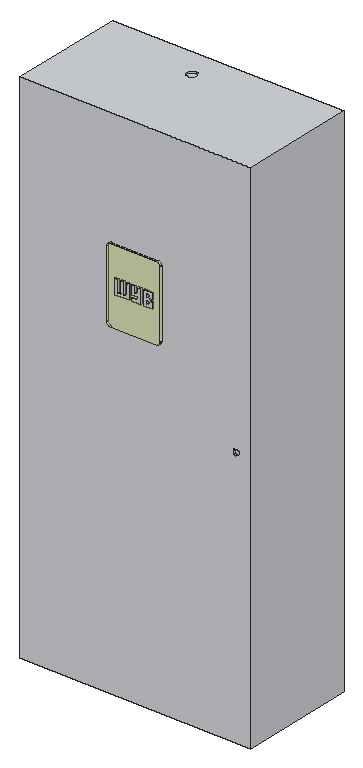
Revit family "ШУВ-М-С300", category Оборудование, Revit 2020
Family settings
  Размер круглого соединителя = Использовать диаметр
  Классификация = Нет
  Тип детали = Нормальный
  На основе рабочей плоскости = Нет
  Всегда вертикально = Да
  При загрузке вырезать с полостями = Нет
  Общий = Нет
  Точка расчета площади = Нет
Parameters (values of type "ШУВ-М_АВВ_200кВт")
  расст замок верт = 900 mm
  Ширина [instance] = 800 mm
  Расст вывода3 от левой стенки = 500 mm
  Расст замок = 750 mm
  Расст вывода2 от левой стенки = 400 mm
  Расст вывода от левой стенки = 300 mm
  Расст вывода от задней стенки = 200 mm
  Расст ПУШ от верхней стенки = 400 mm
  Расст ввод от задней стенки = 100 mm
  Расст ввод от левой стенки = 355 mm
  Расст ПУШ от левой стенки = 308 mm
  Отметка по умолчанию = 0 mm
  Описание = "ШУВ-С300 предназначен для управления одно/трехфазным электродвигателем приточного или вытяжного вентилятора системы противопожарной вентиляции от 0,37 до 200 кВт. Управление осуществляется посредством интегрированного модуля контроля и управления МС322-24, что позволяет использовать шкаф в составе Системы пожарной автоматики и сигнализации «СПРУТ-2», в частности – в составе адресно-аналоговой сигнализации «С300»."
  Назв гориз ПУШ = 120 mm
  Комментарии к типоразмеру = "Ш8/ABB"
  Изготовитель = "ООО \"Плазма-Т\""
  Группа модели = "ШУВ-М-С300"
  Глубина [instance] = 400 mm
  Высота [instance] = 1800 mm
  URL = "https://plazma-t.ru/"
Types (5, lengths in mm): name | расст замок верт | Ширина | Расст вывода3 от левой стенки | Расст замок | Расст вывода2 от левой стенки | Расст вывода от левой стенки | Расст вывода от задней стенки | Расст ПУШ от верхней стенки | Расст ввод от задней стенки | Расст ввод от левой стенки | Расст ПУШ от левой стенки | Комментарии к типоразмеру | Глубина | Высота
  ШУВ-М_АВВ_0,37-4кВт | 250 | 405 | 320 | 360 | 240 | 160 | 100 | 100 | 85 | 150 | 80 | "Ш2/ABB" | 204 | 505
  ШУВ-М_АВВ_5,5-18,5кВт | 350 | 500 | 235 | 450 | 175 | 115 | 125 | 130 | 100 | 185 | 140 | "Ш3/ABB" | 250 | 700
  ШУВ-М_АВВ_22-45кВт | 400 | 600 | 270 | 550 | 210 | 150 | 125 | 110 | 100 | 230 | 220 | "Ш4/ABB" | 250 | 800
  ШУВ-М_АВВ_200кВт | 900 | 800 | 500 | 750 | 400 | 300 | 200 | 400 | 100 | 355 | 308 | "Ш8/ABB" | 400 | 1800
  ШУВ-М_АВВ_55-160кВт | 600 | 800 | 430 | 750 | 330 | 230 | 100 | 230 | 130 | 540 | 250 | "Ш6/ABB" | 300 | 1200
Reference planes
  plane 1 "По центру (Вперед/Назад)": y = 0
  plane 2: z = 0
  plane 3 "По центру (Влево/Вправо)": x = 0
  plane 4: y = -9
Forms (mm)
  Extrusion 1, solid
    sketch origin (0, 0, 0) x (1, 0, 0) y (0, 1, 0)
      loop
        line (0, 0) -> (800, 0) -> (800, 400) -> (0, 400) -> (0, 0)
    from 0 to 1800
  Extrusion 2, solid, material "Источник света по умолчанию"
    sketch origin (0, 0, 0) x (1, 0, 0) y (0, 0, 1)
      loop
        arc (321, 1400) -> (311.808, 1396.192) -> (308, 1387) r 13
        line (308, 1387) -> (308, 1153)
        arc (308, 1153) -> (311.808, 1143.808) -> (321, 1140) r 13
        line (321, 1140) -> (479.542, 1140)
        arc (479.542, 1140) -> (488.734, 1143.808) -> (492.542, 1153) r 13
        line (492.542, 1153) -> (492.542, 1387)
        arc (492.542, 1387) -> (488.734, 1396.192) -> (479.542, 1400) r 13
        line (479.542, 1400) -> (321, 1400)
    from 0 to 9
  Extrusion 3, void
    sketch origin (0, 0, 0) x (1, 0, 0) y (0, 0, 1)
      loop
        circle (750, 900) r 11.5
    from 10 to -5.347
  Extrusion 4, void
    sketch origin (0, 0, 1800) x (0, 1, 0) y (1, 0, 0)
      loop
        circle (300, 355) r 17
    from 0 to 3
  Extrusion 5, void
    sketch origin (0, 0, 0) x (1, 0, 0) y (0, 1, 0)
      loop
        circle (300, 200) r 17
    from 0 to 3
  Extrusion 6, void
    sketch origin (0, 0, 0) x (1, 0, 0) y (0, 1, 0)
      loop
        circle (400, 200) r 17
    from 0 to 3
  Extrusion 7, void
    sketch origin (0, 0, 0) x (1, 0, 0) y (0, 1, 0)
      loop
        circle (500, 200) r 17
    from 0 to 3
  Extrusion 8, solid
    sketch origin (0, -9, 0) x (1, 0, 0) y (0, 0, 1)
      loop
        line (338.078, 1250) -> (388.25, 1250) -> (388.25, 1300) -> (378.25, 1300) -> (378.25, 1260) -> (368.25, 1260) -> (368.25, 1300) -> (358.25, 1300) -> (358.25, 1260) -> (348.25, 1260) -> (348.25, 1300) -> (338.078, 1300) -> (338.078, 1250)
      loop
        line (398.25, 1300) -> (398.25, 1270) -> (418.25, 1270) -> (418.25, 1260) -> (398.25, 1260) -> (398.25, 1250) -> (428.25, 1250) -> (428.25, 1300) -> (418.25, 1300) -> (418.25, 1280) -> (408.25, 1280) -> (408.25, 1300) -> (398.25, 1300)
      loop
        line (438.25, 1300) -> (438.25, 1250) -> (468.25, 1250) -> (468.25, 1270) -> (463.25, 1275) -> (468.25, 1280) -> (468.25, 1300) -> (438.25, 1300)
      loop
        line (448.25, 1260) -> (458.675, 1260) -> (458.675, 1270) -> (448.25, 1270) -> (448.25, 1260)
      loop
        line (448.675, 1290) -> (448.675, 1280) -> (458.675, 1280) -> (458.675, 1290) -> (448.675, 1290)
    from 0 to 3
Cuts and joins
  Extrusion 3, Extrusion 4, Extrusion 5, Extrusion 6, Extrusion 7 cuts Extrusion 1
Dimensions and locks
  "Ширина": Extrusion 1 to Extrusion 1
  "Глубина": Extrusion 1 to Extrusion 1
  "Высота": Extrusion 1 to Extrusion 1
  Extrusion 1 to Extrusion 2 sketch curve = 400 mm
  "Расст ПУШ от верхней стенки": Extrusion 1 to Extrusion 2
  "расст замок верт": Extrusion 1 to Extrusion 3 sketch curve
  "Расст замок": Extrusion 1 to Extrusion 3 sketch curve
  "Расст ввод от левой стенки": Extrusion 4 sketch curve to cut or joined group of Extrusion 1, Extrusion 3, Extrusion 4, Extrusion 5, Extrusion 6, Extrusion 7
  "Расст ввод от задней стенки": cut or joined group of Extrusion 1, Extrusion 3, Extrusion 4, Extrusion 5, Extrusion 6, Extrusion 7 to Extrusion 4 sketch curve
  locked: Extrusion 2 sketch curve to Extrusion 2 sketch curve at 184.542
  locked: Extrusion 2 sketch curve to Extrusion 2 sketch curve at 260
  "Расст ПУШ от левой стенки": cut or joined group of Extrusion 1, Extrusion 3, Extrusion 4, Extrusion 5, Extrusion 6, Extrusion 7 to Extrusion 2 sketch curve
  "Расст вывода от левой стенки": cut or joined group of Extrusion 1, Extrusion 3, Extrusion 4, Extrusion 5, Extrusion 6, Extrusion 7 to Extrusion 5 sketch curve
  "Расст вывода от задней стенки": cut or joined group of Extrusion 1, Extrusion 3, Extrusion 4, Extrusion 5, Extrusion 6, Extrusion 7 to Extrusion 5 sketch curve
  "Расст вывода от задней стенки": cut or joined group of Extrusion 1, Extrusion 3, Extrusion 4, Extrusion 5, Extrusion 6, Extrusion 7 to Extrusion 6 sketch curve
  "Расст вывода2 от левой стенки": cut or joined group of Extrusion 1, Extrusion 3, Extrusion 4, Extrusion 5, Extrusion 6, Extrusion 7 to Extrusion 6 sketch curve
  "Расст вывода от задней стенки": cut or joined group of Extrusion 1, Extrusion 3, Extrusion 4, Extrusion 5, Extrusion 6, Extrusion 7 to Extrusion 7 sketch curve
  "Расст вывода3 от левой стенки": cut or joined group of Extrusion 1, Extrusion 3, Extrusion 4, Extrusion 5, Extrusion 6, Extrusion 7 to Extrusion 7 sketch curve
  cut or joined group of Extrusion 1, Extrusion 3, Extrusion 4, Extrusion 5, Extrusion 6, Extrusion 7 to cut or joined group of Extrusion 1, Extrusion 3, Extrusion 4, Extrusion 5, Extrusion 6, Extrusion 7 = 800 mm
  Extrusion 8 sketch curve to Extrusion 8 sketch curve = 50 mm
  Extrusion 8 sketch curve to Extrusion 2 = 160 mm
  Extrusion 8 sketch curve to Extrusion 8 sketch curve = 50.172 mm
  Extrusion 2 to Extrusion 8 sketch curve = 30.078 mm
  Extrusion 8 sketch curve to Extrusion 8 sketch curve = 60.172 mm
  Extrusion 8 sketch curve to Extrusion 8 sketch curve = 130.172 mm
  Extrusion 8 sketch curve to Extrusion 8 sketch curve = 30 mm  (x2)
  diameter of Extrusion 4 sketch curve = 34 mm
  aligned and locked: level to plane 2
  aligned and locked: Extrusion 1 to level
  aligned and locked: Extrusion 1 to plane 3 "По центру (Влево/Вправо)"
  aligned and locked: plane 1 "По центру (Вперед/Назад)" to Extrusion 1
Automatic sketch dimensions
  plane 3 "По центру (Влево/Вправо)" to Extrusion 1 sketch curve = 0 mm
  plane 1 "По центру (Вперед/Назад)" to Extrusion 1 sketch curve = 0 mm
  plane 3 "По центру (Влево/Вправо)" to Extrusion 1 sketch curve = 800 mm
  Extrusion 1 sketch curve to plane 1 "По центру (Вперед/Назад)" = 400 mm
  Extrusion 8 sketch curve to Extrusion 8 sketch curve = 10.172 mm
  Extrusion 8 sketch curve to Extrusion 8 sketch curve = 10 mm  (x15)
  Extrusion 8 sketch curve to Extrusion 8 sketch curve = 0 mm  (x10)
  Extrusion 8 sketch curve to Extrusion 8 sketch curve = 5 mm  (x3)
  Extrusion 8 sketch curve to Extrusion 8 sketch curve = 20 mm
  Extrusion 8 sketch curve to Extrusion 8 sketch curve = 0.425 mm
  Extrusion 8 sketch curve to Extrusion 8 sketch curve = 4.575 mm
  Extrusion 2 sketch curve to Extrusion 2 sketch curve = 13 mm  (x4)
  radius of Extrusion 3 sketch curve = 11.5 mm
  radius of Extrusion 5 sketch curve = 17 mm
  radius of Extrusion 6 sketch curve = 17 mm
  radius of Extrusion 7 sketch curve = 17 mm
Connectors
  electrical at (355, 300, 1797)
    settings: on cut or joined group of Extrusion 1, Extrusion 3, Extrusion 4, Extrusion 5, Extrusion 6, Extrusion 7, index 1, voltage 0 V, apparent load 0 VA, apparent load phase1 0 VA, apparent load phase2 0 VA, apparent load phase3 0 VA, power factor 1, load classification "Прочее", number of poles 1, system type 30, power factor state 1, is connector primary yes, connector utility no, sub classification motor no, connector description "380V"
  electrical at (300, 200, 3)
    settings: on cut or joined group of Extrusion 1, Extrusion 3, Extrusion 4, Extrusion 5, Extrusion 6, Extrusion 7, index 2, voltage 0 V, apparent load 0 VA, apparent load phase1 0 VA, apparent load phase2 0 VA, apparent load phase3 0 VA, power factor 1, load classification "Прочее", number of poles 1, system type 9, power factor state 1, is connector primary no, connector utility no, sub classification motor no, connector description "вход1"
  electrical at (400, 200, 3)
    settings: on cut or joined group of Extrusion 1, Extrusion 3, Extrusion 4, Extrusion 5, Extrusion 6, Extrusion 7, index 3, voltage 0 V, apparent load 0 VA, apparent load phase1 0 VA, apparent load phase2 0 VA, apparent load phase3 0 VA, power factor 1, load classification "Прочее", number of poles 1, system type 9, power factor state 1, is connector primary no, connector utility no, sub classification motor no, connector description "вход2"
